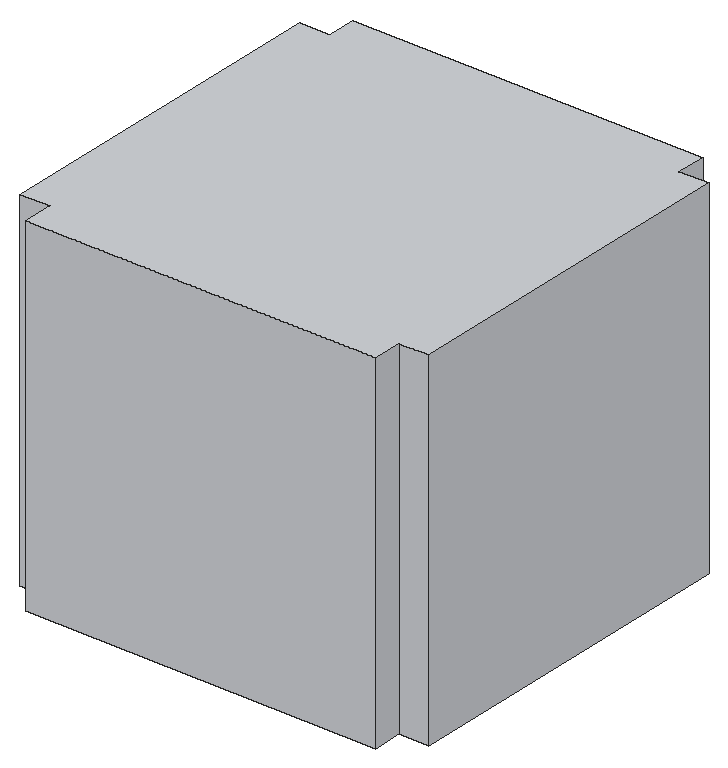
Revit family "M_Rectangular Cross", category Duct Fittings, Revit 2014
Parameters (values of type "Standard")
  Duct Width 4 [instance] = 300 mm
  Duct Width 3 [instance] = 300 mm
  Duct Width 1 [instance] = 300 mm
  Shoulder [instance] = 25 mm
  Length3 [instance] = Length3a + Shoulder  # 175 mm
  Length1a [instance] = if(Duct Width 3 > Duct Width 4, Duct Width 3 / 2, Duct Width 4 / 2)  # 150 mm
  Length1 [instance] = Length1a + Shoulder  # 175 mm
  Length3a [instance] = Duct Width 1 / 2  # 150 mm
  Duct Height [instance] = 300 mm
Reference planes
  plane 1 "Center (Front/Back)": y = 0
  plane 2: z = 0
  plane 3 "Center (Left/Right)": x = 0
  plane 4: x = -175
  plane 5: y = 175
  plane 6: x = 175
  plane 7: y = -175
  plane 8: z = 150
  plane 9: z = -150
Forms (mm)
  Sweep 1, solid, detail levels medium+fine
    path in 3D
      loop
        line (-175, 0, 0) -> (0, 0, 0)
    profile "M_Duct - Rectangular : Duct - Rectangular" origin (-87.5, 0, 0) x (0, 1, 0) y (0, 0, 1)
      loop
        line (-150, 150) -> (-150, -150) -> (150, -150) -> (150, 150) -> (-150, 150)
  Sweep 2, solid, detail levels medium+fine
    path in 3D
      loop
        line (0, 0, 0) -> (175, 0, 0)
    profile "M_Duct - Rectangular : Duct - Rectangular" origin (87.5, 0, 0) x (0, 1, 0) y (0, 0, 1)
      loop
        line (-150, 150) -> (-150, -150) -> (150, -150) -> (150, 150) -> (-150, 150)
  Sweep 3, solid, detail levels medium+fine
    path in 3D
      loop
        line (0, 0, 0) -> (0, 175, 0)
    profile "M_Duct - Rectangular : Duct - Rectangular 3" origin (0, 87.5, 0) x (-1, 0, 0) y (0, 0, 1)
      loop
        line (-150, 150) -> (-150, -150) -> (150, -150) -> (150, 150) -> (-150, 150)
  Sweep 4, solid, detail levels medium+fine
    path in 3D
      loop
        line (0, 0, 0) -> (0, -175, 0)
    profile "M_Duct - Rectangular : Duct - Rectangular 4" origin (0, -87.5, 0) x (1, 0, 0) y (0, 0, 1)
      loop
        line (-150, 150) -> (-150, -150) -> (150, -150) -> (150, 150) -> (-150, 150)
Cuts and joins
  joined: Sweep 1, Sweep 2, Sweep 3, Sweep 4
Lines and regions (mm)
  reference lines
    curve 1: line (-175, 0, 0) -> (0, 0, 0)
    curve 2: line (0, 0, 0) -> (175, 0, 0)
    curve 3: line (0, 0, 0) -> (0, 175, 0)
    curve 4: line (0, 0, 0) -> (0, -175, 0)
  sketch lines
    curve 5: line (-175, 0, 0) -> (0, 0, 0)
    curve 6: line (0, 0, 0) -> (175, 0, 0)
    curve 7: line (0, 0, 0) -> (0, 175, 0)
    curve 8: line (0, 0, 0) -> (0, -175, 0)
  model lines, style "DuctFitting", detail levels coarse
    curve 9: line (-175, 0, 0) -> (0, 0, 0)
    curve 10: line (0, 0, 0) -> (175, 0, 0)
    curve 11: line (0, 0, 0) -> (0, 175, 0)
    curve 12: line (0, 0, 0) -> (0, -175, 0)
Dimensions and locks
  "Length3": plane 1 "Center (Front/Back)" to plane 5
  "Length3": plane 7 to plane 1 "Center (Front/Back)"
  equal spacing: plane 4, plane 3 "Center (Left/Right)", plane 6
  "Length1": plane 4 to plane 3 "Center (Left/Right)"
  equal spacing: plane 8, level, plane 9
  "Duct Height": plane 8 to plane 9
  aligned and locked: plane 4 to curve 1
  aligned and locked: plane 1 "Center (Front/Back)" to curve 1
  aligned and locked: plane 6 to curve 2
  aligned and locked: plane 3 "Center (Left/Right)" to curve 2
  aligned and locked: plane 1 "Center (Front/Back)" to curve 2
  aligned and locked: plane 5 to curve 3
  aligned and locked: plane 7 to curve 4
  aligned and locked: curve 9 to curve 1
  aligned and locked: curve 10 to curve 2
  aligned and locked: curve 12 to curve 4
Automatic sketch dimensions
  curve 9 to plane 4 = 0 mm
  curve 10 to plane 6 = 0 mm
  curve 11 to plane 5 = 0 mm
  curve 12 to plane 7 = 0 mm
Connectors
  hvac at (-175, 0, 0), driven by "Duct Height", driven by "Duct Width 1"
    settings: on cut or joined group of Sweep 1, Sweep 2, Sweep 3, Sweep 4, index 1, duct flow 0.0 L/s, flow factor 0, pres drop 0.0 Pa, loss coef 0, conn angle 0.00°, conn width 300 mm, conn height 300 mm, conn diameter 609.6 mm, duct sys type 28, conn prof type 1, flow config 0, flow direction 0, loss method 0, conn ref index 2, conn util no, is conn primary yes, conn desc ""
  hvac at (175, 0, 0), driven by "Duct Height", driven by "Duct Width 1"
    settings: on cut or joined group of Sweep 1, Sweep 2, Sweep 3, Sweep 4, index 2, duct flow 0.0 L/s, flow factor 0, pres drop 0.0 Pa, loss coef 0, conn angle 0.00°, conn width 300 mm, conn height 300 mm, conn diameter 609.6 mm, duct sys type 28, conn prof type 1, flow config 0, flow direction 0, loss method 0, conn ref index 1, conn util no, is conn primary no, conn desc ""
  hvac at (0, 175, 0), driven by "Duct Height", driven by "Duct Width 3"
    settings: on cut or joined group of Sweep 1, Sweep 2, Sweep 3, Sweep 4, index 3, duct flow 0.0 L/s, flow factor 0, pres drop 0.0 Pa, loss coef 0, conn angle 0.00°, conn width 300 mm, conn height 300 mm, conn diameter 609.6 mm, duct sys type 28, conn prof type 1, flow config 0, flow direction 0, loss method 0, conn ref index 4, conn util no, is conn primary no, conn desc ""
  hvac at (0, -175, 0), driven by "Duct Height", driven by "Duct Width 4"
    settings: on cut or joined group of Sweep 1, Sweep 2, Sweep 3, Sweep 4, index 4, duct flow 0.0 L/s, flow factor 0, pres drop 0.0 Pa, loss coef 0, conn angle 0.00°, conn width 300 mm, conn height 300 mm, conn diameter 609.6 mm, duct sys type 28, conn prof type 1, flow config 0, flow direction 0, loss method 0, conn ref index 3, conn util no, is conn primary no, conn desc ""
